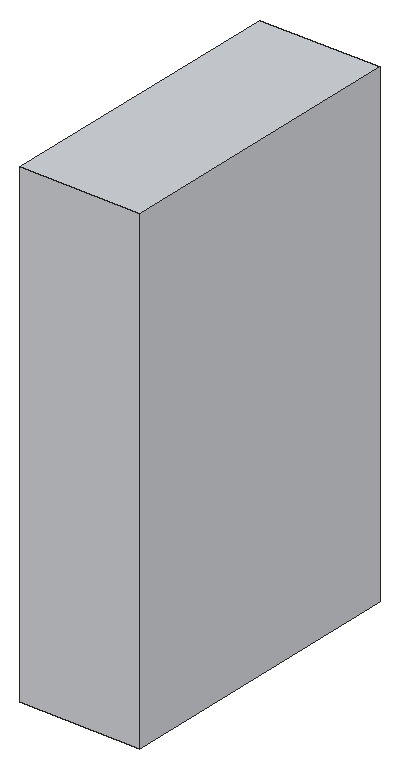
Revit family "KCA - Componente", category Generic Models, Revit 2023
Family settings
  Can host rebar = No
  Round Connector Dimension = Use Diameter
  Part Type = Normal
  Work Plane-Based = No
  Always vertical = Yes
  Cut with Voids When Loaded = No
  Maintain Annotation Orientation = No
  Shared = No
  Room Calculation Point = No
Parameters (values of type "1 x 2.5 x 4")
  P = 1000 mm
  L = 2500 mm
  H = 4000 mm
  Default Elevation = 0 mm
  Cluster [instance] = ""
Types (10, lengths in mm): name | L | H
  (no name) | 2500 | 4000
  1 x 1 x 6 | 1000 | 6000
  1 x 2.5 x 5.5 | 2500 | 5500
  1 x 4 x 5 | 4000 | 5000
  1 x 2.5 x 6.5 | 2500 | 6500
  1 x 1 x 8 | 1000 | 8000
  1 x 4 x 7 | 4000 | 7000
  1 x 1 x 4.5 | 1000 | 4500
  1 x 2.5 x 7.5 | 2500 | 7500
  1 x 2.5 x 4 | 2500 | 4000
Reference planes
  plane 1 "Center (Front/Back)": y = 0
  plane 2: z = 0
  plane 3 "Center (Left/Right)": x = 0
  plane 4 "P": x = 1000
  plane 5 "L": y = 2500
  plane 6 "H": z = 4000
Forms (mm)
  Extrusion 1, solid
    sketch origin (0, 0, 0) x (1, 0, 0) y (0, 1, 0)
      loop
        line (0, 2500) -> (0, 0) -> (1000, 0) -> (1000, 2500) -> (0, 2500)
    from 0 to 4000
Dimensions and locks
  "L": plane 1 "Center (Front/Back)" to plane 5 "L"
  "P": plane 3 "Center (Left/Right)" to plane 4 "P"
  "H": plane 6 "H" to level
  aligned and locked: level to plane 2
  aligned and locked: Extrusion 1 sketch curve to plane 5 "L"
  aligned and locked: Extrusion 1 sketch curve to plane 4 "P"
  aligned and locked: Extrusion 1 sketch curve to plane 1 "Center (Front/Back)"
  aligned and locked: plane 3 "Center (Left/Right)" to Extrusion 1 sketch curve
  aligned and locked: plane 6 "H" to Extrusion 1
